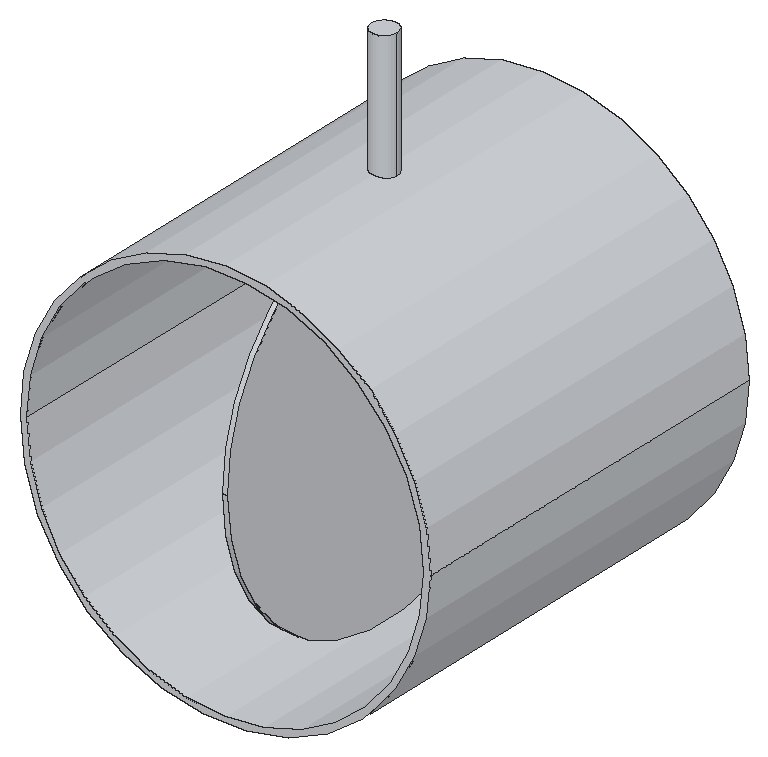
Revit family "Заслонка регулирующая DFGR", category Оборудование, Revit 2022
Family settings
  Размер круглого соединителя = Использовать диаметр
  Тип детали = Нормальный
  Номер OmniClass = 23.75.00.00
  Заголовок OmniClass = Climate Control (HVAC)
  На основе рабочей плоскости = Нет
  Всегда вертикально = Да
  При загрузке вырезать с полостями = Нет
  Сохранять ориентацию аннотаций = Нет
  Общий = Да
  Точка принадлежности помещению = Нет
Parameters (values of type "DFGR 315")
  Отметка по умолчанию = 0 mm
  Высота = (ADSK_Размер_Диаметр_D + ADSK_Размер_Диаметр_D1) / 4  # 160 mm
  URL = ""
  Cost = 0
  ADSK_Система_Имя [instance] = ""
  ADSK_Расход воздуха = 0.0 m³/h
  ADSK_Размер_Длина_L = 315 mm
  ADSK_Размер_Диаметр_D1 = 325 mm
  ADSK_Размер_Диаметр_D = 315 mm
  ADSK_Размер_Высота_H1 = ADSK_Размер_Высота_H - ADSK_Размер_Диаметр_D1 / 2  # 262.5 mm
  ADSK_Размер_Высота_H = 425 mm
  ADSK_Потеря давления воздуха = 0.0 Pa
  ADSK_Наименование краткое = "DFGR 315"
  ADSK_Наименование [instance] = "Регулирующая заслонка DFGR 315"
  ADSK_Масса_Текст = "2.12"
  ADSK_Масса = 2.12
  ADSK_Марка = ""
  ADSK_Количество [instance] = 1  # constant formula
  ADSK_Код изделия = ""
  ADSK_Завод-изготовитель = "WAER"  # constant formula
  ADSK_Единица измерения = "шт."  # constant formula
  ADSK_URL страницы изделия = ""
  ADSK_URL документации изделия = ""
Types (6, lengths in mm): name | Высота | ADSK_Размер_Длина_L | ADSK_Размер_Диаметр_D1 | ADSK_Размер_Диаметр_D | ADSK_Размер_Высота_H1 | ADSK_Размер_Высота_H | ADSK_Наименование краткое | ADSK_Наименование | ADSK_Масса_Текст | ADSK_Масса
  DFGR 100 | 52.5 | 200 | 110 | 100 | 155 | 210 | "DFGR 100" | "Регулирующая заслонка DFGR 100" | "0.38" | 0.38
  DFGR 125 | 65 | 200 | 135 | 125 | 185.5 | 253 | "DFGR 125" | "Регулирующая заслонка DFGR 125" | "0.53" | 0.53
  DFGR 160 | 82.5 | 200 | 170 | 160 | 185 | 270 | "DFGR 160" | "Регулирующая заслонка DFGR 160" | "0.74" | 0.74
  DFGR 200 | 102.5 | 200 | 210 | 200 | 205 | 310 | "DFGR 200" | "Регулирующая заслонка DFGR 200" | "1.11" | 1.11
  DFGR 250 | 127.5 | 250 | 260 | 250 | 230 | 360 | "DFGR 250" | "Регулирующая заслонка DFGR 250" | "1.56" | 1.56
  DFGR 315 | 160 | 315 | 325 | 315 | 262.5 | 425 | "DFGR 315" | "Регулирующая заслонка DFGR 315" | "2.12" | 2.12
Reference planes
  plane 1 "Center (Front/Back)": y = 0
  plane 2: z = 0
  plane 3 "Center (Left/Right)": x = 0
  plane 4: y = 157.5
  plane 5: y = -157.5
  plane 6: z = 262.5
  plane 7: z = 160
Forms (mm)
  Extrusion 1, solid
    sketch origin (0, 0, 0) x (1, 0, 0) y (0, 0, 1)
      loop
        circle (0, 0) r 162.5
      loop
        circle (0, 0) r 157.5
    from -157.5 to 157.5
  Extrusion 2, solid
    sketch origin (0, 0, 0) x (1, 0, 0) y (0, 1, 0)
      loop
        circle (0, 0) r 10
    from 160 to 262.5
  Extrusion 3, solid
    sketch origin (0, 0, 0) x (0, 1, 0) y (0, 0, 1)
      loop
        circle (0, 0) r 157.5
    from -2 to 2
Dimensions and locks
  equal spacing: Extrusion 1 sketch curve, plane 2, Extrusion 1 sketch curve  (x2)
  equal spacing: Extrusion 1 sketch curve, plane 3 "Center (Left/Right)", Extrusion 1 sketch curve  (x2)
  equal spacing: plane 4, plane 1 "Center (Front/Back)", plane 5
  "ADSK_Размер_Длина_L": plane 4 to plane 5
  "ADSK_Размер_Высота_H1": plane 6 to plane 2
  "Высота": plane 7 to plane 2
  equal spacing: Extrusion 3 sketch curve, plane 2, Extrusion 3 sketch curve
  equal spacing: Extrusion 3 sketch curve, plane 1 "Center (Front/Back)", Extrusion 3 sketch curve
  "ADSK_Размер_Диаметр_D": diameter of Extrusion 1 sketch curve
  "ADSK_Размер_Диаметр_D1": diameter of Extrusion 1 sketch curve
  "ADSK_Размер_Диаметр_D": diameter of Extrusion 3 sketch curve
  aligned and locked: level to plane 2
  aligned and locked: Extrusion 1 to plane 5
  aligned and locked: plane 4 to Extrusion 1
  aligned and locked: plane 6 to Extrusion 2
  aligned and locked: Extrusion 2 to plane 7
Automatic sketch dimensions
  plane 1 "Center (Front/Back)" to Extrusion 2 sketch curve = 0 mm
  Extrusion 2 sketch curve to plane 3 "Center (Left/Right)" = 0 mm
  radius of Extrusion 2 sketch curve = 10 mm
Connectors
  hvac at (0, -157.5, 0), driven by "ADSK_Размер_Диаметр_D"
    settings: on Extrusion 1, index 1, duct flow 0.0 m³/h, flow factor 0, pres drop 0.0 Pa, loss coef 0, conn angle 0.00°, conn width 304.8 mm, conn height 304.8 mm, conn diameter 315 mm, duct sys type 29, conn prof type 0, flow config 0, flow direction 0, loss method 0, conn ref index 2, conn util no, is conn primary yes, conn desc ""
  hvac at (0, 157.5, 0), driven by "ADSK_Размер_Диаметр_D"
    settings: on Extrusion 1, index 2, duct flow 0.0 m³/h, flow factor 0, pres drop 0.0 Pa, loss coef 0, conn angle 0.00°, conn width 304.8 mm, conn height 304.8 mm, conn diameter 315 mm, duct sys type 29, conn prof type 0, flow config 0, flow direction 0, loss method 0, conn ref index 1, conn util no, is conn primary no, conn desc ""
